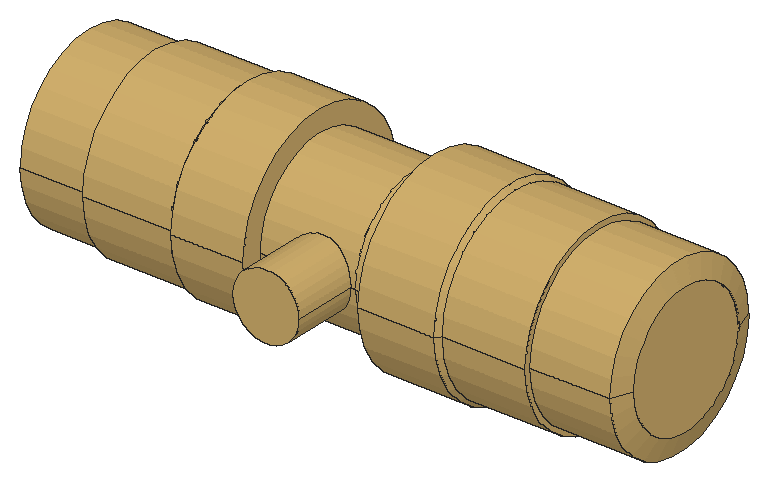
Revit family "Plumbing_Joints_Aignep_Female-Fitting-For-Our-Outlet-90236", category Pipe Fittings, Revit 2018
Family settings
  Round Connector Dimension = Use Diameter
  Part Type = Tee
  OmniClass Number = 23.27.43.00
  Work Plane-Based = No
  Always vertical = Yes
  Cut with Voids When Loaded = No
  Shared = No
Parameters (values of type "90236")
  Product Material [instance] = AIGNEP - Brass - Yellow
  Note [instance] = "For diameters 50 and 63, use Aluminium"  # constant formula
  Material secondary = "Aluminium"
  FD [instance] = Nominal Diameter 02 * 1.25  # 11.906 mm
  DFE [instance] = 0.6 * E  # 20.700 mm
  B/2 [instance] = B / 2  # 15.750 mm
  Tick Size 02 [instance] = Nominal Diameter 02 * 0.8  # 7.620 mm
  QR code = "https://www.bimobject.com/en-us/aignep/product/female-fitting-for-our-outlet-90236"
  Product url = "https://www.aignep.com/eng/Pipe-fittings-INFINITY/Air-Pipeline-INFINITY-Series/FEMALE-FITTING-FOR-OUTLET"
  Product name = "Female fitting for our outlet - 90236"
  Product group = "Fittings"
  Product family = "INFINITY"
  Product certification = "https://www.aignep.com/eng/Certificazioni/FREE-OF-SILICON"
  Product SKU = "Female-fitting-for-our-outlet-90236"
  OmniClass Description = "Pipe Fittings"
  OmniClass Code = "23-27 43 00"
  Nominal Diameter 02 [instance] = 9.525 mm
  Nominal Diameter 01 [instance] = 20.000 mm
  Material main = "Brass"
  Manufacturer name = "Aignep Spa"
  Manufacturer country = "Italy"
  L2 [instance] = size_lookup(Lookup Table Name, "L2", 0.000 mm, Nominal Diameter 01, Nominal Diameter 02)  # 25.000 mm
  L1 [instance] = size_lookup(Lookup Table Name, "L1", 0.000 mm, Nominal Diameter 01, Nominal Diameter 02)  # 109.000 mm
  IFC Classification = "Pipe Fitting"
  Design country = "Italy"
  Description = "Female fitting for our outlet"  # constant formula
  CH1 [instance] = size_lookup(Lookup Table Name, "CH1", 0.000 mm, Nominal Diameter 01, Nominal Diameter 02)  # 30.000 mm
  CH [instance] = size_lookup(Lookup Table Name, "CH", 0.000 mm, Nominal Diameter 01, Nominal Diameter 02)  # 28.000 mm
  A [instance] = size_lookup(Lookup Table Name, "A", 0.000 mm, Nominal Diameter 01, Nominal Diameter 02)  # 11.000 mm
  URL = "https://www.aignep.com/"
  Tick Size 01 [instance] = Nominal Diameter 01 * 0.8  # 16.000 mm
  Product data url = "https://www.bimobject.com/aignep/product/female-fitting-for-our-outlet-90236"
  Product Guid = "ca00633e-561b-41a4-a517-cee47b333daa"
  Model = "90236"  # constant formula
  Manufacturer = "Aignep Spa"  # constant formula
  Lookup Table Name = "Tee - 90236"  # constant formula
  Keynote = "15410"
  Edition number = 1
  C [instance] = size_lookup(Lookup Table Name, "C", 0.000 mm, Nominal Diameter 01, Nominal Diameter 02)  # 48.000 mm
  E [instance] = size_lookup(Lookup Table Name, "E", 0.000 mm, Nominal Diameter 01, Nominal Diameter 02)  # 34.500 mm
  BIMobject category = "Joints"
  B [instance] = size_lookup(Lookup Table Name, "B", 0.000 mm, Nominal Diameter 01, Nominal Diameter 02)  # 31.500 mm
  Assembly Code = "D2040100"
  Article Code [instance] = size_lookup(Lookup Table Name, "", "", Nominal Diameter 01, Nominal Diameter 02)  # "90236 00 006"
Reference planes
  plane 1 "Center (Front/Back)": y = 0
  plane 2: z = 0
  plane 3 "Center (Left/Right)": x = 0
  plane 4: x = -24
  plane 5: x = 24
  plane 6: y = -25
  plane 7: x = 55.5
  plane 8: x = -53.5
  plane 9: y = -14
  plane 10: y = 17.25
  plane 11: y = -17.25
  plane 12: x = -10.35
  plane 13: x = 10.35
  plane 14: z = -17.25
  plane 15: z = 17.25
Forms (mm)
  Sweep 1, solid, not visible, detail levels coarse
    path in 3D
      loop
        line (-24, 0, 0) -> (24, 0, 0)
    profile origin (0, 0, 0) x (0, 1, 0) y (0, 0, 1)
      loop
        circle (0, 0) r 10
  Sweep 2, solid, not visible, detail levels coarse
    path in 3D
      loop
        line (0, 0, 0) -> (0, -14, 0)
    profile origin (0, -7, 0) x (1, 0, 0) y (0, 0, 1)
      loop
        circle (0, 0) r 4.763
  Sweep 3, solid, material "AIGNEP - Brass - Yellow" <- "Product Material", detail levels fine
    path origin (-32.5, 55.314, 1200) x (0, 1, 0) y (0, 0, 1)
      loop
        circle (-55.314, -1200) r 10
    profile origin (-32.5, 0, 10) x (0, 0, -1) y (1, 0, 0)
      loop
        line (-6.5, -7.25) -> (-5.55, -7.25) -> (-5.55, -19.25) -> (-1.75, -21) -> (0, -21) -> (0, 39.4) -> (0, 88) -> (-1.75, 88) -> (-5.55, 86.75) -> (-5.55, 72.25) -> (-6.5, 72.25) -> (-6.5, 57.25) -> (-7.25, 56.5) -> (-7.25, 42.85) -> (-3.5, 42.85) -> (-3.5, 39.304) -> (-3.5, 22.15) -> (-7.25, 22.15) -> (-7.25, 9.25) -> (-6.5, 8.5) -> (-6.5, -7.25)
  Sweep 4, solid, material "AIGNEP - Brass - Yellow" <- "Product Material", detail levels fine
    path origin (0, 0, 0) x (1, 0, 0) y (0, 1, 0)
      loop
        line (-53.5, 0) -> (55.5, 0)
    profile origin (1, 0, 0) x (0, 1, 0) y (0, 0, 1)
      loop
        circle (0, 0) r 10
  Sweep 5, solid, material "AIGNEP - Brass - Yellow" <- "Product Material", detail levels fine
    path origin (0, 0, 0) x (1, 0, 0) y (0, 1, 0)
      loop
        line (0, 0) -> (0, -25)
    profile origin (0, -12.5, 0) x (1, 0, 0) y (0, 0, 1)
      loop
        circle (0, 0) r 5.953
Cuts and joins
  joined: Sweep 3, Sweep 4, Sweep 5
Lines and regions (mm)
  model lines, detail levels coarse+medium
    curve 1: line (-24, 0, 0) -> (24, 0, 0)
    curve 2: line (0, 0, 0) -> (0, -14, 0)
    curve 3: line (-24, 8, 0) -> (-24, -8, 0)
    curve 4: line (24, 8, 0) -> (24, -8, 0)
    curve 5: line (-3.81, -14, 0) -> (3.81, -14, 0)
  sketch lines
    curve 6: line (-24, 0, 0) -> (24, 0, 0)
    curve 7: line (0, 0, 0) -> (0, -14, 0)
Dimensions and locks
  equal spacing: plane 4, plane 3 "Center (Left/Right)", plane 5
  "C": plane 4 to plane 5
  "B": plane 5 to plane 7
  "L1": plane 8 to plane 7
  "L2": plane 6 to plane 1 "Center (Front/Back)"
  equal spacing: plane 10, plane 1 "Center (Front/Back)", plane 11
  "E": plane 10 to plane 11
  equal spacing: plane 12, plane 3 "Center (Left/Right)", plane 13
  "DFE": plane 12 to plane 13
  equal spacing: curve 3, plane 1 "Center (Front/Back)", curve 3
  "Tick Size 01": curve 3 to curve 3
  equal spacing: curve 4, plane 1 "Center (Front/Back)", curve 4
  "Tick Size 01": curve 4 to curve 4
  equal spacing: curve 5, plane 3 "Center (Left/Right)", curve 5
  "Tick Size 02": curve 5 to curve 5
  equal spacing: plane 15, plane 2, plane 14
  "E": plane 15 to plane 14
  "B/2": plane 4 to Sweep 3 sketch curve
  "B/2": Sweep 3 sketch curve to plane 5
  locked: Sweep 3 sketch curve to Sweep 3 sketch curve at 1.75
  locked: Sweep 3 sketch curve to profile plane at 1.75
  "A": plane 9 to plane 6
  "Nominal Diameter 01": diameter of Sweep 1 sketch curve
  "Nominal Diameter 02": diameter of Sweep 2 sketch curve
  "Nominal Diameter 01": diameter of Sweep 3 sketch curve
  "Nominal Diameter 01": diameter of Sweep 4 sketch curve
  "FD": diameter of Sweep 5 sketch curve
  aligned and locked: level to plane 2
  aligned and locked: plane 1 "Center (Front/Back)" to curve 1
  aligned and locked: plane 4 to curve 1
  aligned and locked: curve 2 to plane 3 "Center (Left/Right)"
  aligned and locked: plane 1 "Center (Front/Back)" to curve 2
  aligned and locked: curve 3 to plane 4
  aligned and locked: plane 1 "Center (Front/Back)" to Sweep 1 sketch curve
  aligned and locked: plane 2 to Sweep 1 sketch curve
  aligned and locked: plane 3 "Center (Left/Right)" to Sweep 2 sketch curve
  aligned and locked: plane 2 to Sweep 2 sketch curve
  aligned and locked: plane 5 to curve 1
  aligned and locked: curve 4 to plane 5
  aligned and locked: plane 1 "Center (Front/Back)" to Sweep 3 sketch curve
  aligned and locked: plane 2 to Sweep 3 sketch curve
  aligned and locked: Sweep 3 sketch curve to profile plane
  aligned and locked: Sweep 3 sketch curve to plane 8
  aligned and locked: Sweep 3 sketch curve to plane 15
  aligned and locked: Sweep 3 sketch curve to plane 12
  aligned and locked: plane 4 to Sweep 3 sketch curve
  aligned and locked: Sweep 3 sketch curve to plane 13
  aligned and locked: Sweep 3 sketch curve to plane 7
  aligned and locked: plane 15 to Sweep 3 sketch curve
  aligned and locked: plane 8 to Sweep 4 sketch curve
  aligned and locked: plane 7 to Sweep 4 sketch curve
  aligned and locked: plane 1 "Center (Front/Back)" to Sweep 4 sketch curve
  aligned and locked: level to Sweep 4 sketch curve
  aligned and locked: plane 1 "Center (Front/Back)" to Sweep 5 sketch curve
  aligned and locked: Sweep 5 sketch curve to plane 3 "Center (Left/Right)"
  aligned and locked: plane 3 "Center (Left/Right)" to Sweep 5 sketch curve
  aligned and locked: plane 2 to Sweep 5 sketch curve
  aligned and locked: plane 6 to Sweep 5 sketch curve
  aligned and locked: plane 5 to Sweep 3 sketch curve
  aligned and locked: curve 5 to plane 9
Automatic sketch dimensions
  Sweep 3 sketch curve to plane 15 = 0.750 mm  (x2)
  Sweep 3 sketch curve to Sweep 3 sketch curve = 0.950 mm
  Sweep 3 sketch curve to plane 15 = 1.700 mm
  profile plane to Sweep 3 sketch curve = 3.500 mm
  Sweep 3 sketch curve to Sweep 3 sketch curve = 1.750 mm
  Sweep 3 sketch curve to Sweep 3 sketch curve = 0.750 mm  (x2)
  Sweep 3 sketch curve to Sweep 3 sketch curve = 3.546 mm
  Sweep 3 sketch curve to Sweep 3 sketch curve = 0.096 mm
  Sweep 3 sketch curve to Sweep 3 sketch curve = 1.250 mm
  Sweep 4 sketch curve to profile plane = 0.000 mm
Connectors
  piping at (-24, 0, 0), diameter 20, driven by "Nominal Diameter 01"
    settings: on Sweep 1, index 1, connector inside diameter 609.600 mm, connector length 0.000 mm, flow factor 0, pipe flow 0.0 L/s, pressure drop 0.0 Pa, fitting loss kfactor 0, connector angle 0.00°, fixture units 0, engagement length 0.000 mm, angle of deflection 0.00°, flow configuration 0, flow direction 0, fitting loss method 0, system type 28, joint type 0, gender type 0, connector reference index -1, connector utility 0, adjustable connector no, is connector primary yes, connector description ""
  piping at (24, 0, 0), diameter 20, driven by "Nominal Diameter 01"
    settings: on Sweep 1, index 2, connector inside diameter 609.600 mm, connector length 0.000 mm, flow factor 0, pipe flow 0.0 L/s, pressure drop 0.0 Pa, fitting loss kfactor 0, connector angle 0.00°, fixture units 0, engagement length 0.000 mm, angle of deflection 0.00°, flow configuration 0, flow direction 0, fitting loss method 0, system type 28, joint type 0, gender type 0, connector reference index -1, connector utility 0, adjustable connector no, is connector primary no, connector description ""
  piping at (0, -14, 0), diameter 9.525, driven by "Nominal Diameter 02"
    settings: on Sweep 2, index 3, connector inside diameter 609.600 mm, connector length 0.000 mm, flow factor 0, pipe flow 0.0 L/s, pressure drop 0.0 Pa, fitting loss kfactor 0, connector angle 0.00°, fixture units 0, engagement length 0.000 mm, angle of deflection 0.00°, flow configuration 0, flow direction 0, fitting loss method 0, system type 28, joint type 0, gender type 0, connector reference index -1, connector utility 0, adjustable connector no, is connector primary no, connector description ""
